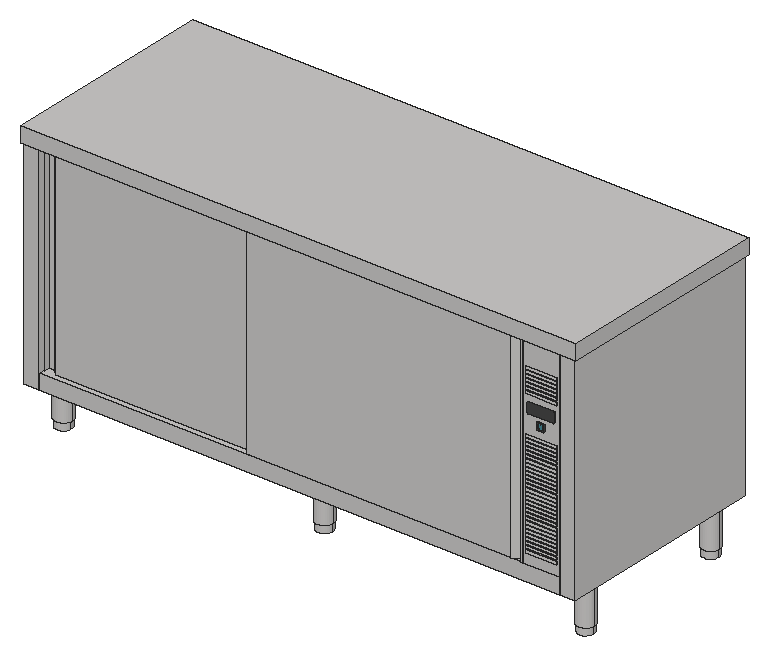
Revit family "QF_ELECTROLUXPROFESSIONAL_132874_MSR1807N", category Attrezzature speciali, Revit 2020
Family settings
  Quota connettore circolare = Usa diametro
  Tipo di parte = Normale
  Basato su piano di lavoro = No
  Sempre verticale = Sì
  Taglio con vuoti quando caricato = No
  Condiviso = No
  Punto di calcolo locali = No
Parameters (values of type "Standard")
  Weight = 70.00 kg
  Watts = 2400 W
  Volts = 220 V
  URL Manufacturer = "https://www.electroluxprofessional.com/"
  URL = "https://www.electroluxprofessional.com/"
  Steam Supply Size = 0 mm
  Steam Supply Minimum Pressure = 0.0 Pa
  Steam Supply Maximum Pressure = 0.0 Pa
  Steam Consumption per Hour = 0
  Refrigeration Suction Line Size = 0.0 mm
  Refrigeration Liquid Line Size = 0.0 mm
  Refrigerant Compressor Remote = yes
  Prospetto di default = 0.0 mm
  Produttore = "Electrolux Professional"
  Phase = 1
  Modello = "MSR1807N"
  Length Actual = 1800.0 mm  # constant formula
  Item Number = "132874"
  Hot Water Size = 0 mm
  Height Actual = 900.0 mm  # constant formula
  HP = "3.2 HP"
  Gas Size = 0 mm
  Gas KW = 0
  Gas Input Pressure = 0 W
  Direct Waste Size = 0 mm
  Descrizione = "HOT CUPBOARD 1800MM"
  Depth Actual = 700.0 mm  # constant formula
  Cycle = 50 Hz
  Condensate Return Size = 0 mm
  Compressed Air Volume = 0.0 L/s
  Compressed Air Size = 0 mm
  Compressed Air Pressure = 0.0 Pa
  Cold Water Size = 0 mm
  Accessory = yes
Reference planes
  plane 1 "Center (Front/Back)": y = 0
  plane 2: z = 0
  plane 3 "Center (Left/Right)": x = -400
  plane 4 "LEFT": x = -1300
  plane 5 "RIGHT": x = 500
  plane 6 "BACK": y = 350
  plane 7 "FRONT": y = -350
  plane 8 "Base": z = 850
  plane 9 "TOP": z = 900
  plane 10: x = -1246.5
  plane 11: x = 446.5
  plane 12: y = 264.5
  plane 13: y = -241.5
  plane 14 "BodyLeft": x = -1294.5
  plane 15 "BodyFront": y = -344.5
  plane 16 "BodyRight": x = 494.5
  plane 17 "BodyBack": y = 344.5
  plane 18 "FEET": z = 150
  plane 19: x = 324.5
  plane 20: x = -461
  plane 21: x = 444.5
  plane 22 "EIx": x = 400
  plane 23 "EIy": y = -170
Forms (mm)
  Extrusion 1, solid, material "QF_Finishes_Stainless Steel"
    sketch origin (-400, 0, 0) x (0, 1, 0) y (0, 0, 1)
      loop
        line (-350, 850) -> (350, 850) -> (350, 900) -> (-350, 900) -> (-350, 850)
    from 900 to -900
  Extrusion 2, solid, material "QF_Finishes_Stainless Steel"
    sketch origin (0, 0, 150) x (-1, 0, 0) y (0, -1, 0)
      loop
        line (1294.5, -344.5) -> (1294.5, 344.5) -> (1244.5, 344.5) -> (1244.5, -344.5) -> (1294.5, -344.5)
      loop
        line (-444.5, -344.5) -> (-444.5, 344.5) -> (-494.5, 344.5) -> (-494.5, -344.5) -> (-444.5, -344.5)
    from 0 to 700
  Extrusion 3, solid, material "QF_Finishes_Stainless Steel"
    sketch origin (0, 0, 150) x (-1, 0, 0) y (0, -1, 0)
      loop
        line (1244.5, -344.5) -> (1244.5, 344.5) -> (-444.5, 344.5) -> (-444.5, -344.5) -> (1244.5, -344.5)
    from 0 to 50
  Extrusion 4, solid, material "QF_Finishes_Stainless Steel"
    sketch origin (-1, 0, 150) x (-1, 0, 0) y (0, -1, 0)
      loop
        line (-325.5, 344.5) -> (-325.5, 324.5) -> (570.5, 324.5) -> (570.5, 344.5) -> (-285.5, 344.5) -> (-305.5, 329.5) -> (-320.5, 329.5) -> (-320.5, 344.5) -> (-325.5, 344.5)
    from 50 to 700
  Extrusion 5, solid, material "QF_Finishes_Stainless Steel"
    sketch origin (1, 20, 150) x (1, 0, 0) y (0, 1, 0)
      loop
        line (-1245.5, -344.5) -> (-1240.5, -344.5) -> (-1240.5, -329.5) -> (-1225.5, -329.5) -> (-1205.5, -344.5) -> (-351.5, -344.5) -> (-351.5, -324.5) -> (-1245.5, -324.5) -> (-1245.5, -344.5)
    from 50 to 700
  Extrusion 6, solid, material "QF_Finishes_Stainless Steel"
    sketch origin (0, 0, 0) x (1, 0, 0) y (0, 1, 0)
      loop
        line (-1244.5, -304.5) -> (324.5, -304.5) -> (324.5, 324.5) -> (-1244.5, 324.5) -> (-1244.5, -304.5)
    from 500 to 540
  Extrusion 7, solid, material "QF_Finishes_Stainless Steel"
    sketch origin (0, 0, 0) x (1, 0, 0) y (0, 1, 0)
      loop
        line (444.5, 344.5) -> (-1244.5, 344.5) -> (-1244.5, 324.5) -> (444.5, 324.5) -> (444.5, 344.5)
    from 200 to 850
  Extrusion 8, solid, material "QF_Finishes_Stainless Steel"
    sketch origin (0, 0, 150) x (-1, 0, 0) y (0, -1, 0)
      loop
        circle (-400, 170) r 10
    from 0 to -5
Cuts and joins
  joined: Extrusion 3, Extrusion 7
Lines and regions (mm)
  symbolic lines
    curve 1: line (500, 350, 900) -> (-1300, 350, 900)
    curve 2: line (-1300, 350, 900) -> (-1300, -350, 900)
    curve 3: line (-1300, -350, 900) -> (500, -350, 900)
    curve 4: line (500, -350, 900) -> (500, 350, 900)
  symbolic lines, style "SpecialityEquipmentHiddenLines"
    curve 5: line (-1294.5, 344.5, 150) -> (494.5, 344.5, 150)
    curve 6: line (-1294.5, -344.5, 150) -> (-1294.5, 344.5, 150)
    curve 7: line (494.5, -344.5, 150) -> (-1294.5, -344.5, 150)
    curve 8: line (494.5, 344.5, 150) -> (494.5, -344.5, 150)
    curve 9: line (-1245.5, -304.5, 150) -> (-349.5, -304.5, 150)
    curve 10: line (-349.5, -304.5, 150) -> (-349.5, -324.5, 150)
    curve 11: line (-1245.5, -324.5, 150) -> (324.5, -324.5, 150)
    curve 12: line (324.5, -324.5, 150) -> (324.5, -344.5, 150)
    curve 13: line (-1245.5, -304.5, 150) -> (-1245.5, -324.5, 150)
    curve 14: line (-571.5, -344.5, 0) -> (-571.5, -324.5, 0)
Dimensions and locks
  plane 4 "LEFT" to plane 5 "RIGHT" = 1800.0 mm
  equal spacing: plane 4 "LEFT", plane 3 "Center (Left/Right)", plane 5 "RIGHT"
  locked: plane 8 "Base" to level at 850
  plane 9 "TOP" to level = 900.0 mm
  plane 6 "BACK" to plane 7 "FRONT" = 700.0 mm
  equal spacing: plane 6 "BACK", plane 1 "Center (Front/Back)", plane 7 "FRONT"
  locked: plane 4 "LEFT" to plane 14 "BodyLeft" at 5.5
  locked: plane 16 "BodyRight" to plane 5 "RIGHT" at 5.5
  locked: plane 15 "BodyFront" to plane 7 "FRONT" at 5.5
  locked: plane 6 "BACK" to plane 17 "BodyBack" at 5.5
  locked: plane 14 "BodyLeft" to plane 10 at 48
  locked: plane 11 to plane 16 "BodyRight" at 48
  locked: plane 13 to plane 15 "BodyFront" at 103
  locked: plane 17 "BodyBack" to plane 12 at 80
  plane 10 to plane 11 = 1693.0 mm
  plane 12 to plane 13 = 506.0 mm
  locked: plane 14 "BodyLeft" to Extrusion 2 sketch curve at 50
  locked: Extrusion 2 sketch curve to Extrusion 2 sketch curve at 50
  equal spacing: plane 10, plane 20, plane 19
  locked: plane 21 to plane 16 "BodyRight" at 50
  locked: plane 19 to plane 21 at 120
  locked: Extrusion 4 sketch curve to plane 20 at 110.5
  locked: plane 20 to Extrusion 5 sketch curve at 110.5
  locked: plane 18 "FEET" to level at 150
  locked: plane 22 "EIx" to plane 5 "RIGHT" at 100
  plane 23 "EIy" to plane 7 "FRONT" = 180.0 mm
  aligned and locked: level to plane 2
  aligned and locked: plane 10 to nested 1
  aligned and locked: nested 1 to plane 13
  aligned and locked: plane 11 to nested 2
  aligned and locked: nested 2 to plane 13
  aligned and locked: plane 11 to nested 4
  aligned and locked: nested 4 to plane 12
  aligned and locked: plane 10 to nested 3
  aligned and locked: nested 3 to plane 12
  aligned and locked: Extrusion 1 to plane 4 "LEFT"
  aligned and locked: plane 5 "RIGHT" to Extrusion 1
  aligned and locked: curve 2 to plane 4 "LEFT"
  aligned and locked: plane 17 "BodyBack" to Extrusion 2 sketch curve
  aligned and locked: Extrusion 2 sketch curve to plane 15 "BodyFront"
  aligned and locked: Extrusion 2 sketch curve to plane 14 "BodyLeft"
  aligned and locked: plane 16 "BodyRight" to Extrusion 2 sketch curve
  aligned and locked: Extrusion 2 sketch curve to plane 17 "BodyBack"
  aligned and locked: plane 15 "BodyFront" to Extrusion 2 sketch curve
  aligned and locked: Extrusion 3 sketch curve to plane 17 "BodyBack"
  aligned and locked: plane 15 "BodyFront" to Extrusion 3 sketch curve
  aligned and locked: plane 8 "Base" to Extrusion 2
  aligned and locked: plane 8 "Base" to Extrusion 4
  aligned and locked: Extrusion 4 to Extrusion 3
  aligned and locked: Extrusion 1 to plane 8 "Base"
  aligned and locked: plane 9 "TOP" to Extrusion 1
  aligned and locked: curve 5 to plane 17 "BodyBack"
  aligned and locked: plane 14 "BodyLeft" to curve 6
  aligned and locked: plane 15 "BodyFront" to curve 7
  aligned and locked: plane 16 "BodyRight" to curve 8
  aligned and locked: Extrusion 3 to Extrusion 2  (x2)
  aligned and locked: Extrusion 6 sketch curve to Extrusion 2
  aligned and locked: Extrusion 6 sketch curve to Extrusion 5
  aligned and locked: nested 5 to plane 21
  aligned and locked: Extrusion 7 sketch curve to Extrusion 2
  aligned and locked: Extrusion 6 sketch curve to plane 19
  aligned and locked: plane 3 "Center (Left/Right)" to nested 6
  aligned and locked: plane 3 "Center (Left/Right)" to nested 7
Automatic sketch dimensions
  curve 14 to plane 15 "BodyFront" = 0.0 mm
  plane 15 "BodyFront" to curve 14 = 20.0 mm
  curve 14 to plane 20 = 110.5 mm
  curve 3 to plane 7 "FRONT" = 0.0 mm
  curve 4 to plane 6 "BACK" = 0.0 mm
  Extrusion 1 sketch curve to plane 7 "FRONT" = 0.0 mm
  Extrusion 1 sketch curve to plane 6 "BACK" = 0.0 mm
  Extrusion 1 sketch curve to plane 8 "Base" = 0.0 mm
  Extrusion 1 sketch curve to plane 9 "TOP" = 0.0 mm
  Extrusion 3 sketch curve to plane 21 = 0.0 mm
  plane 10 to Extrusion 3 sketch curve = 2.0 mm
  Extrusion 4 sketch curve to plane 19 = 0.0 mm
  Extrusion 4 sketch curve to plane 15 "BodyFront" = 0.0 mm  (x2)
  Extrusion 4 sketch curve to Extrusion 4 sketch curve = 5.0 mm
  Extrusion 4 sketch curve to Extrusion 4 sketch curve = 15.0 mm  (x2)
  Extrusion 4 sketch curve to Extrusion 4 sketch curve = 20.0 mm  (x2)
  Extrusion 5 sketch curve to plane 15 "BodyFront" = 20.0 mm  (x2)
  Extrusion 5 sketch curve to plane 10 = 42.0 mm
  Extrusion 5 sketch curve to plane 10 = 22.0 mm
  Extrusion 5 sketch curve to plane 10 = 7.0 mm
  Extrusion 5 sketch curve to plane 10 = 2.0 mm
  Extrusion 5 sketch curve to Extrusion 5 sketch curve = 15.0 mm
  Extrusion 5 sketch curve to Extrusion 5 sketch curve = 20.0 mm
  plane 21 to curve 12 = 120.0 mm
  curve 7 to plane 15 "BodyFront" = 0.0 mm
  plane 3 "Center (Left/Right)" to curve 9 = 50.5 mm
  plane 10 to curve 11 = 1.0 mm
  plane 15 "BodyFront" to curve 9 = 40.0 mm
  curve 11 to curve 12 = 20.0 mm
  plane 12 to Extrusion 6 sketch curve = 60.0 mm
  Extrusion 7 sketch curve to plane 17 "BodyBack" = 0.0 mm
  Extrusion 7 sketch curve to plane 21 = 0.0 mm
  Extrusion 7 sketch curve to plane 17 "BodyBack" = 20.0 mm
  curve 4 to plane 5 "RIGHT" = 0.0 mm
  Extrusion 8 sketch curve to plane 22 "EIx" = 0.0 mm
  Extrusion 8 sketch curve to plane 23 "EIy" = 0.0 mm
  radius of Extrusion 8 sketch curve = 10.0 mm
Nested families
  nested 1: "FEET_D58-150" at (-1246.5, -241.5, 0), type "FEET_D58-150"
  nested 2: "FEET_D58-150" at (446.5, -241.5, 0), type "FEET_D58-150"
  nested 3: "FEET_D58-150" at (-1246.5, 264.5, 0), type "FEET_D58-150"
  nested 4: "FEET_D58-150" at (446.5, 264.5, 0), type "FEET_D58-150"
  nested 5: "WT_PNL120x650" at (531.42, -304.5, 600) x (1, 0, 0) z (0, -1, 0), type "WT_PNL120x650"
    with Show Logo yes
  nested 6: "FEET_D58-150" at (-400, -241.5, 0), type "FEET_D58-150"
  nested 7: "FEET_D58-150" at (-400, 264.5, 0), type "FEET_D58-150"
Connectors
  electrical at (400, -170, 145)
    settings: on Extrusion 8, index 1, voltage 0 V, apparent load 0 VA, apparent load phase1 0 VA, apparent load phase2 0 VA, apparent load phase3 0 VA, power factor 1, load classification "Other", number of poles 1, system type 30, power factor state 1, is connector primary yes, connector utility no, sub classification motor no, connector description "Electrical connection"
Definition of nested family "FEET_D58-150"
  Parameters
    Default Elevation = 0.0 mm
    FEET = 150.0 mm
  Reference planes
    plane 1 "Center (Front/Back)": y = 0
    plane 2: z = 0
    plane 3 "Center (Left/Right)": x = 0
    plane 4: z = 150
  Forms (mm)
    Extrusion 1, solid
      sketch origin (0, 0, 0) x (1, 0, 0) y (0, 1, 0)
        loop
          circle (0, 0) r 25
      from 0 to 25
    Extrusion 2, solid
      sketch origin (0, 0, 0) x (1, 0, 0) y (0, 1, 0)
        loop
          circle (0.061, 0) r 29
      from 25 to 150 <- "FEET"
  Lines and regions (mm)
    symbolic lines
      curve 1: line (0, -1.503, 0) -> (0, 1.508, 0)
      curve 2: line (1.561, 0, 0) -> (-1.439, 0, 0)
  Dimensions and locks
    "FEET": plane 4 to plane 2
    aligned and locked: level to plane 2
  Automatic sketch dimensions
    plane 1 "Center (Front/Back)" to Extrusion 1 sketch curve = 0.0 mm
    Extrusion 1 sketch curve to plane 3 "Center (Left/Right)" = 0.0 mm
    plane 1 "Center (Front/Back)" to curve 2 = 0.0 mm
    curve 1 to plane 3 "Center (Left/Right)" = 0.0 mm
    curve 2 to plane 3 "Center (Left/Right)" = 1.439 mm
    plane 3 "Center (Left/Right)" to curve 2 = 1.561 mm
    plane 1 "Center (Front/Back)" to curve 1 = 1.503 mm
    curve 1 to plane 1 "Center (Front/Back)" = 1.508 mm
    plane 1 "Center (Front/Back)" to Extrusion 2 sketch curve = 0.0 mm
    plane 3 "Center (Left/Right)" to Extrusion 2 sketch curve = 0.061 mm
    radius of Extrusion 1 sketch curve = 25.0 mm
    radius of Extrusion 2 sketch curve = 29.0 mm
Definition of nested family "WT_PNL120x650"
  Parameters
    Show Logo [instance] = yes
    Default Elevation = 1219.2 mm
  Reference planes
    plane 1 "Center (Front/Back)": y = -75
    plane 2: z = 0
    plane 3 "Center (Left/Right)": x = -146.92
    plane 4: x = -206.92
    plane 5: x = -86.92
    plane 6: y = 250
    plane 7: y = -400
    plane 8 "TOP": z = 40
  Forms (mm)
    Extrusion 1, solid
      sketch origin (0, 0, 0) x (1, 0, 0) y (0, 1, 0)
        loop
          line (-1219.2, 1219.2) -> (-1219.2, -1219.2) -> (1219.2, -1219.2) -> (1219.2, 1219.2) -> (-1219.2, 1219.2)
      from 0 to -304.8
    Extrusion 2, solid
      sketch origin (0, 0, 0) x (1, 0, 0) y (0, 1, 0)
        loop
          line (-206.92, 250) -> (-206.92, -400) -> (-86.92, -400) -> (-86.92, 250) -> (-206.92, 250)
      from 0 to 40
    Extrusion 3, void
      sketch origin (0, 0, 40) x (-1, 0, 0) y (0, -1, 0)
        loop
          arc (101.92, -68.899) -> (103.795, -73.256) -> (108.247, -74.89) r 6
          line (108.247, -74.89) -> (185.92, -74.89)
          arc (185.92, -74.89) -> (190.163, -73.133) -> (191.92, -68.89) r 6
          line (191.92, -68.89) -> (191.92, -45.89)
          arc (191.92, -45.89) -> (190.163, -41.648) -> (185.92, -39.89) r 6
          line (185.92, -39.89) -> (107.92, -39.89)
          arc (107.92, -39.89) -> (103.677, -41.648) -> (101.92, -45.89) r 6
          line (101.92, -45.89) -> (101.92, -68.899)
        loop
          line (158.92, -27.89) -> (158.92, -2.89) -> (134.92, -2.89) -> (134.92, -27.89) -> (158.92, -27.89)
      from -2 to 0
    Extrusion 4, solid
      sketch origin (0, 0, 40) x (-1, 0, 0) y (0, -1, 0)
        loop
          line (185.92, -39.89) -> (107.92, -39.89)
          arc (107.92, -39.89) -> (103.677, -41.648) -> (101.92, -45.89) r 6
          line (101.92, -45.89) -> (101.92, -68.899)
          arc (101.92, -68.899) -> (103.795, -73.256) -> (108.247, -74.89) r 6
          line (108.247, -74.89) -> (185.92, -74.89)
          arc (185.92, -74.89) -> (190.163, -73.133) -> (191.92, -68.89) r 6
          line (191.92, -68.89) -> (191.92, -45.89)
          arc (191.92, -45.89) -> (190.163, -41.648) -> (185.92, -39.89) r 6
      from -2 to 1
    Extrusion 5, solid
      sketch origin (-146.92, 0, 0) x (0, 1, 0) y (0, 0, 1)
        loop
          line (95.896, 40) -> (104.899, 40) -> (95.896, 41.206) -> (95.896, 40)
        loop
          line (107.896, 40) -> (116.899, 40) -> (107.896, 41.206) -> (107.896, 40)
        loop
          line (119.896, 40) -> (128.899, 40) -> (119.896, 41.206) -> (119.896, 40)
        loop
          line (131.896, 40) -> (140.899, 40) -> (131.896, 41.206) -> (131.896, 40)
        loop
          line (143.896, 40) -> (152.899, 40) -> (143.896, 41.206) -> (143.896, 40)
        loop
          line (155.896, 40) -> (164.899, 40) -> (155.896, 41.206) -> (155.896, 40)
        loop
          line (167.896, 40) -> (176.899, 40) -> (167.896, 41.206) -> (167.896, 40)
        loop
          line (-102.104, 40) -> (-93.101, 40) -> (-102.104, 41.206) -> (-102.104, 40)
        loop
          line (-90.104, 40) -> (-81.101, 40) -> (-90.104, 41.206) -> (-90.104, 40)
        loop
          line (-78.104, 40) -> (-69.101, 40) -> (-78.104, 41.206) -> (-78.104, 40)
        loop
          line (-66.104, 40) -> (-57.101, 40) -> (-66.104, 41.206) -> (-66.104, 40)
        loop
          line (-54.104, 40) -> (-45.101, 40) -> (-54.104, 41.206) -> (-54.104, 40)
        loop
          line (-42.104, 40) -> (-33.101, 40) -> (-42.104, 41.206) -> (-42.104, 40)
        loop
          line (-30.104, 40) -> (-21.101, 40) -> (-30.104, 41.206) -> (-30.104, 40)
        loop
          line (-174.104, 40) -> (-165.101, 40) -> (-174.104, 41.206) -> (-174.104, 40)
        loop
          line (-162.104, 40) -> (-153.101, 40) -> (-162.104, 41.206) -> (-162.104, 40)
        loop
          line (-150.104, 40) -> (-141.101, 40) -> (-150.104, 41.206) -> (-150.104, 40)
        loop
          line (-138.104, 40) -> (-129.101, 40) -> (-138.104, 41.206) -> (-138.104, 40)
        loop
          line (-126.104, 40) -> (-117.101, 40) -> (-126.104, 41.206) -> (-126.104, 40)
        loop
          line (-114.104, 40) -> (-105.101, 40) -> (-114.104, 41.206) -> (-114.104, 40)
        loop
          line (-246.104, 40) -> (-237.101, 40) -> (-246.104, 41.206) -> (-246.104, 40)
        loop
          line (-234.104, 40) -> (-225.101, 40) -> (-234.104, 41.206) -> (-234.104, 40)
        loop
          line (-222.104, 40) -> (-213.101, 40) -> (-222.104, 41.206) -> (-222.104, 40)
        loop
          line (-210.104, 40) -> (-201.101, 40) -> (-210.104, 41.206) -> (-210.104, 40)
        loop
          line (-198.104, 40) -> (-189.101, 40) -> (-198.104, 41.206) -> (-198.104, 40)
        loop
          line (-186.104, 40) -> (-177.101, 40) -> (-186.104, 41.206) -> (-186.104, 40)
        loop
          line (-318.104, 40) -> (-309.101, 40) -> (-318.104, 41.206) -> (-318.104, 40)
        loop
          line (-306.104, 40) -> (-297.101, 40) -> (-306.104, 41.206) -> (-306.104, 40)
        loop
          line (-294.104, 40) -> (-285.101, 40) -> (-294.104, 41.206) -> (-294.104, 40)
        loop
          line (-282.104, 40) -> (-273.101, 40) -> (-282.104, 41.206) -> (-282.104, 40)
        loop
          line (-270.104, 40) -> (-261.101, 40) -> (-270.104, 41.206) -> (-270.104, 40)
        loop
          line (-258.104, 40) -> (-249.101, 40) -> (-258.104, 41.206) -> (-258.104, 40)
        loop
          line (-366.104, 40) -> (-357.101, 40) -> (-366.104, 41.206) -> (-366.104, 40)
        loop
          line (-354.104, 40) -> (-345.101, 40) -> (-354.104, 41.206) -> (-354.104, 40)
        loop
          line (-342.104, 40) -> (-333.101, 40) -> (-342.104, 41.206) -> (-342.104, 40)
        loop
          line (-330.104, 40) -> (-321.101, 40) -> (-330.104, 41.206) -> (-330.104, 40)
      from -50 to 50
    Extrusion 6, solid
      sketch origin (0, 0, 40) x (-1, 0, 0) y (0, -1, 0)
        loop
          line (134.92, -27.89) -> (158.92, -27.89) -> (158.92, -2.89) -> (134.92, -2.89) -> (134.92, -27.89)
        loop
          circle (146.92, -15.39) r 9
      from -2 to 3
    Extrusion 7, solid
      sketch origin (0, 0, 40) x (-1, 0, 0) y (0, -1, 0)
        loop
          circle (146.92, -15.39) r 9
      from 0 to 3
  Cuts and joins
    Extrusion 3 cuts Extrusion 2
  Dimensions and locks
    equal spacing: plane 6, plane 1 "Center (Front/Back)", plane 7
    equal spacing: plane 4, plane 3 "Center (Left/Right)", plane 5
    plane 8 "TOP" to level = 40.0 mm
    aligned and locked: plane 2 to Extrusion 1
    aligned and locked: level to Extrusion 1
  Automatic sketch dimensions
    Extrusion 1 sketch curve to Extrusion 1 sketch curve = 2438.4 mm  (x2)
    Extrusion 2 sketch curve to plane 4 = 0.0 mm
    Extrusion 2 sketch curve to plane 5 = 0.0 mm
    Extrusion 2 sketch curve to plane 7 = 0.0 mm
    Extrusion 2 sketch curve to plane 6 = 0.0 mm
    Extrusion 5 sketch curve to plane 8 "TOP" = 0.0 mm  (x36)
    Extrusion 5 sketch curve to Extrusion 5 sketch curve = 9.003 mm  (x35)
    plane 8 "TOP" to Extrusion 5 sketch curve = 1.206 mm  (x22)
    Extrusion 5 sketch curve to Extrusion 5 sketch curve = 2.997 mm  (x33)
    plane 1 "Center (Front/Back)" to Extrusion 5 sketch curve = 6.101 mm
    plane 1 "Center (Front/Back)" to Extrusion 5 sketch curve = 3.104 mm
    Extrusion 5 sketch curve to plane 1 "Center (Front/Back)" = 5.899 mm
    Extrusion 5 sketch curve to Extrusion 5 sketch curve = 116.997 mm
    Extrusion 5 sketch curve to Extrusion 5 sketch curve = 1.206 mm  (x14)
    Extrusion 4 sketch curve to plane 5 = 15.0 mm
    Extrusion 4 sketch curve to Extrusion 4 sketch curve = 6.0 mm  (x3)
    Extrusion 4 sketch curve to Extrusion 4 sketch curve = 0.327 mm
    plane 4 to Extrusion 4 sketch curve = 21.0 mm  (x2)
    Extrusion 4 sketch curve to plane 1 "Center (Front/Back)" = 149.89 mm
    Extrusion 4 sketch curve to Extrusion 4 sketch curve = 23.009 mm
    Extrusion 3 sketch curve to plane 5 = 15.0 mm
    Extrusion 3 sketch curve to Extrusion 3 sketch curve = 6.0 mm  (x3)
    Extrusion 3 sketch curve to Extrusion 3 sketch curve = 0.327 mm
    plane 3 "Center (Left/Right)" to Extrusion 3 sketch curve = 12.0 mm
    Extrusion 3 sketch curve to plane 3 "Center (Left/Right)" = 12.0 mm
    plane 4 to Extrusion 3 sketch curve = 21.0 mm  (x2)
    Extrusion 3 sketch curve to plane 1 "Center (Front/Back)" = 149.89 mm
    Extrusion 3 sketch curve to Extrusion 3 sketch curve = 23.0 mm
    Extrusion 3 sketch curve to Extrusion 3 sketch curve = 12.0 mm
    Extrusion 3 sketch curve to Extrusion 3 sketch curve = 25.0 mm
    Extrusion 6 sketch curve to plane 3 "Center (Left/Right)" = 0.0 mm
    plane 3 "Center (Left/Right)" to Extrusion 6 sketch curve = 12.0 mm
    Extrusion 6 sketch curve to plane 3 "Center (Left/Right)" = 12.0 mm
    Extrusion 6 sketch curve to plane 1 "Center (Front/Back)" = 102.89 mm
    Extrusion 6 sketch curve to Extrusion 6 sketch curve = 12.5 mm  (x2)
    Extrusion 7 sketch curve to plane 3 "Center (Left/Right)" = 0.0 mm
    Extrusion 7 sketch curve to plane 1 "Center (Front/Back)" = 90.39 mm
    radius of Extrusion 6 sketch curve = 9.0 mm
    radius of Extrusion 7 sketch curve = 9.0 mm
